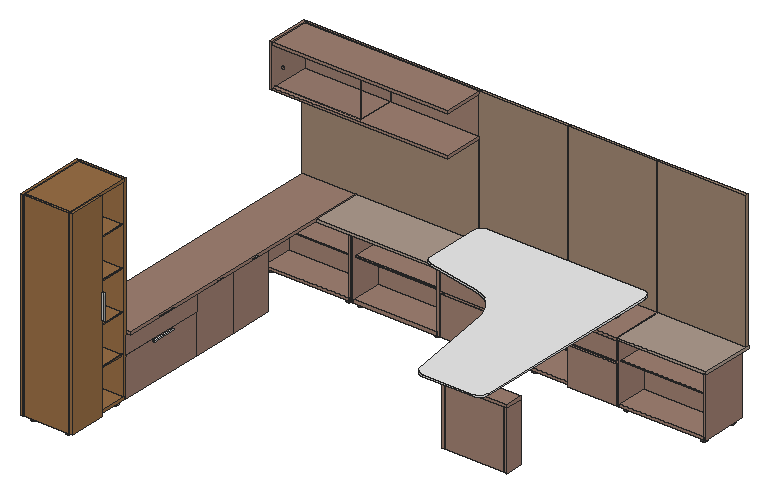
Revit family "OFS TYPICAL T100058", category Furniture, Revit 2022 (continued)
Definition of nested family "OFS APTOS Height Adjustable Peninsula Sweep Top 74W 60D Corian Top 18D Right"
  Definition of nested family "APTOS SWEEP ELEVATED RUNOFF WORKSURFACE LEFT - WOOD TOP"
    Forms (in)
      Extrusion 5, solid, material <- "Table Material", visible <- "34-7858SWTELC"
        sketch origin (0, 0, 0) x (1, 0, 0) y (0, 1, 0)
          loop
            arc (-36, 5.00011) -> (-38.12132, 4.12143) -> (-39, 2.00011) r 3
            line (-39, 2.00011) -> (-39, -50.00011)
            arc (-39, -50.00011) -> (-38.12132, -52.12143) -> (-36, -53.00011) r 3
            line (-36, -53.00011) -> (35.9997, -53.00011)
            arc (35.9997, -53.00011) -> (38.12102, -52.12143) -> (38.9997, -50.00011) r 3
            line (38.9997, -50.00011) -> (38.9997, -33.17589)
            arc (38.9997, -33.17589) -> (38.25811, -31.20115) -> (36.39997, -30.20271) r 3
            line (36.39997, -30.20271) -> (-1.21236, -25.13908)
            arc (-1.21236, -25.13908) -> (-7.82761, -21.99234) -> (-11.38094, -15.58628) r 12
        from 28.3125 to 29.5
      Sweep 6, void
        path in 3D
          loop
            arc (35.9997, -53.00011, 29.5) -> (38.12102, -52.12143, 29.5) -> (38.9997, -50.00011, 29.5) r 3
            line (38.9997, -50.00011, 29.5) -> (38.9997, -33.17589, 29.5)
            arc (38.9997, -33.17589, 29.5) -> (38.25811, -31.20115, 29.5) -> (36.39997, -30.20271, 29.5) r 3
            line (36.39997, -30.20271, 29.5) -> (-1.21236, -25.13908, 29.5)
            arc (-1.21236, -25.13908, 29.5) -> (-7.82761, -21.99234, 29.5) -> (-11.38094, -15.58628, 29.5) r 12
            line (-11.38094, -15.58628, 29.5) -> (-14.99356, 2.58509, 29.5)
            arc (-14.99356, 2.58509, 29.5) -> (-16.03268, 4.31905, 29.5) -> (-17.93598, 5.00011, 29.5) r 3
            line (-17.93598, 5.00011, 29.5) -> (-36, 5.00011, 29.5)
            arc (-36, 5.00011, 29.5) -> (-38.12132, 4.12143, 29.5) -> (-39, 2.00011, 29.5) r 3
            line (-39, 2.00011, 29.5) -> (-39, -50.00011, 29.5)
            arc (-39, -50.00011, 29.5) -> (-38.12132, -52.12143, 29.5) -> (-36, -53.00011, 29.5) r 3
            line (-36, -53.00011, 29.5) -> (35.9997, -53.00011, 29.5)
        profile origin (-0.00015, -53.00011, 29.5) x (0, 1, 0) y (0, 0, 1)
          loop
            line (0, -0.4375) -> (0, -1.1875) -> (2, -1.1875) -> (0, -0.4375)
      Extrusion 7, solid, material <- "Table Material", visible <- "34-7858SWTELC", not visible
        sketch origin (0, 0, 0) x (1, 0, 0) y (0, 1, 0)
          loop
            line (-11.38094, -15.58628) -> (-14.99356, 2.58509)
            arc (-14.99356, 2.58509) -> (-16.03268, 4.31905) -> (-17.93598, 5.00011) r 3
            line (-17.93598, 5.00011) -> (-36, 5.00011)
            arc (-36, 5.00011) -> (-38.12132, 4.12143) -> (-39, 2.00011) r 3
            line (-39, 2.00011) -> (-39, -50.00011)
            arc (-39, -50.00011) -> (-38.12132, -52.12143) -> (-36, -53.00011) r 3
            line (-36, -53.00011) -> (35.9997, -53.00011)
            arc (35.9997, -53.00011) -> (38.12102, -52.12143) -> (38.9997, -50.00011) r 3
            line (38.9997, -50.00011) -> (38.9997, -33.17589)
            arc (38.9997, -33.17589) -> (38.25811, -31.20115) -> (36.39997, -30.20271) r 3
            line (36.39997, -30.20271) -> (-1.21236, -25.13908)
            arc (-1.21236, -25.13908) -> (-7.82761, -21.99234) -> (-11.38094, -15.58628) r 12
        from 28.3125 to 29.5
      Sweep 8, void, not visible
        path in 3D
          loop
            arc (35.9997, -53.00011, 29.5) -> (38.12102, -52.12143, 29.5) -> (38.9997, -50.00011, 29.5) r 3
            line (38.9997, -50.00011, 29.5) -> (38.9997, -33.17589, 29.5)
            arc (38.9997, -33.17589, 29.5) -> (38.25811, -31.20115, 29.5) -> (36.39997, -30.20271, 29.5) r 3
            line (36.39997, -30.20271, 29.5) -> (-1.21236, -25.13908, 29.5)
            arc (-1.21236, -25.13908, 29.5) -> (-7.82761, -21.99234, 29.5) -> (-11.38094, -15.58628, 29.5) r 12
            line (-11.38094, -15.58628, 29.5) -> (-14.99356, 2.58509, 29.5)
            arc (-14.99356, 2.58509, 29.5) -> (-16.03268, 4.31905, 29.5) -> (-17.93598, 5.00011, 29.5) r 3
            line (-17.93598, 5.00011, 29.5) -> (-36, 5.00011, 29.5)
            arc (-36, 5.00011, 29.5) -> (-38.12132, 4.12143, 29.5) -> (-39, 2.00011, 29.5) r 3
            line (-39, 2.00011, 29.5) -> (-39, -50.00011, 29.5)
            arc (-39, -50.00011, 29.5) -> (-38.12132, -52.12143, 29.5) -> (-36, -53.00011, 29.5) r 3
            line (-36, -53.00011, 29.5) -> (35.9997, -53.00011, 29.5)
        profile origin (-0.00015, -53.00011, 29.5) x (0, 1, 0) y (0, 0, 1)
          loop
            line (0, -0.4375) -> (0, -1.1875) -> (2, -1.1875) -> (0, -0.4375)
    Cuts and joins
      Sweep 2 cuts Extrusion 1
      Sweep 6 cuts Extrusion 5
    Lines and regions (in)
      sketch lines
        curve 1: line (35.9997, -50.00011, 29.5) -> (35.9997, -33.17684, 29.5)
        curve 2: arc (33.47397, -30.21456, 29.5) -> (35.28255, -31.2304, 29.5) -> (35.9997, -33.17684, 29.5) r 3
        curve 3: line (33.47397, -30.21456, 29.5) -> (1.49138, -25.09407, 29.5)
        curve 4: arc (-8.38121, -15.58489, 29.5) -> (-4.93628, -21.88783, 29.5) -> (1.49138, -25.09407, 29.5) r 12
        curve 5: line (-8.38121, -15.58489, 29.5) -> (-11.99356, 2.58509, 29.5)
        curve 6: arc (-14.93598, 5.00011, 29.5) -> (-13.03268, 4.31905, 29.5) -> (-11.99356, 2.58509, 29.5) r 3
        curve 7: line (-14.93598, 5.00011, 29.5) -> (-33, 5.00011, 29.5)
        curve 8: arc (-36, 2.00011, 29.5) -> (-35.12132, 4.12143, 29.5) -> (-33, 5.00011, 29.5) r 3
        curve 9: line (-36, 2.00011, 29.5) -> (-36, -50.00011, 29.5)
        curve 10: arc (-33, -53.00011, 29.5) -> (-35.12132, -52.12143, 29.5) -> (-36, -50.00011, 29.5) r 3
        curve 11: line (-33, -53.00011, 29.5) -> (32.9997, -53.00011, 29.5)
        curve 12: arc (35.9997, -50.00011, 29.5) -> (35.12102, -52.12143, 29.5) -> (32.9997, -53.00011, 29.5) r 3
        curve 25: line (-36, -53.00011, 29.5) -> (35.9997, -53.00011, 29.5)
        curve 26: arc (38.9997, -50.00011, 29.5) -> (38.12102, -52.12143, 29.5) -> (35.9997, -53.00011, 29.5) r 3
        curve 27: line (38.9997, -50.00011, 29.5) -> (38.9997, -33.17589, 29.5)
        curve 28: arc (36.39997, -30.20271, 29.5) -> (38.25811, -31.20115, 29.5) -> (38.9997, -33.17589, 29.5) r 3
        curve 29: line (36.39997, -30.20271, 29.5) -> (-1.21236, -25.13908, 29.5)
        curve 30: arc (-11.38094, -15.58628, 29.5) -> (-7.82761, -21.99234, 29.5) -> (-1.21236, -25.13908, 29.5) r 12
        curve 31: line (-11.38094, -15.58628, 29.5) -> (-14.99356, 2.58509, 29.5)
        curve 32: arc (-17.93598, 5.00011, 29.5) -> (-16.03268, 4.31905, 29.5) -> (-14.99356, 2.58509, 29.5) r 3
        curve 33: line (-17.93598, 5.00011, 29.5) -> (-36, 5.00011, 29.5)
        curve 34: arc (-39, 2.00011, 29.5) -> (-38.12132, 4.12143, 29.5) -> (-36, 5.00011, 29.5) r 3
        curve 35: line (-39, 2.00011, 29.5) -> (-39, -50.00011, 29.5)
        curve 36: arc (-36, -53.00011, 29.5) -> (-38.12132, -52.12143, 29.5) -> (-39, -50.00011, 29.5) r 3
      sketch lines, not visible
        curve 13: line (35.9997, -50.00011, 29.5) -> (35.9997, -33.17684, 29.5)
        curve 14: arc (33.47397, -30.21456, 29.5) -> (35.28255, -31.2304, 29.5) -> (35.9997, -33.17684, 29.5) r 3
        curve 15: line (33.47397, -30.21456, 29.5) -> (1.49138, -25.09407, 29.5)
        curve 16: arc (-8.38121, -15.58489, 29.5) -> (-4.93628, -21.88783, 29.5) -> (1.49138, -25.09407, 29.5) r 12
        curve 17: line (-8.38121, -15.58489, 29.5) -> (-11.99356, 2.58509, 29.5)
        curve 18: arc (-14.93598, 5.00011, 29.5) -> (-13.03268, 4.31905, 29.5) -> (-11.99356, 2.58509, 29.5) r 3
        curve 19: line (-14.93598, 5.00011, 29.5) -> (-33, 5.00011, 29.5)
        curve 20: arc (-36, 2.00011, 29.5) -> (-35.12132, 4.12143, 29.5) -> (-33, 5.00011, 29.5) r 3
        curve 21: line (-36, 2.00011, 29.5) -> (-36, -50.00011, 29.5)
        curve 22: arc (-33, -53.00011, 29.5) -> (-35.12132, -52.12143, 29.5) -> (-36, -50.00011, 29.5) r 3
        curve 23: line (-33, -53.00011, 29.5) -> (32.9997, -53.00011, 29.5)
        curve 24: arc (35.9997, -50.00011, 29.5) -> (35.12102, -52.12143, 29.5) -> (32.9997, -53.00011, 29.5) r 3
        curve 37: line (-36, -53.00011, 29.5) -> (35.9997, -53.00011, 29.5)
        curve 38: arc (38.9997, -50.00011, 29.5) -> (38.12102, -52.12143, 29.5) -> (35.9997, -53.00011, 29.5) r 3
        curve 39: line (38.9997, -50.00011, 29.5) -> (38.9997, -33.17589, 29.5)
        curve 40: arc (36.39997, -30.20271, 29.5) -> (38.25811, -31.20115, 29.5) -> (38.9997, -33.17589, 29.5) r 3
        curve 41: line (36.39997, -30.20271, 29.5) -> (-1.21236, -25.13908, 29.5)
        curve 42: arc (-11.38094, -15.58628, 29.5) -> (-7.82761, -21.99234, 29.5) -> (-1.21236, -25.13908, 29.5) r 12
        curve 43: line (-11.38094, -15.58628, 29.5) -> (-14.99356, 2.58509, 29.5)
        curve 44: arc (-17.93598, 5.00011, 29.5) -> (-16.03268, 4.31905, 29.5) -> (-14.99356, 2.58509, 29.5) r 3
        curve 45: line (-17.93598, 5.00011, 29.5) -> (-36, 5.00011, 29.5)
        curve 46: arc (-39, 2.00011, 29.5) -> (-38.12132, 4.12143, 29.5) -> (-36, 5.00011, 29.5) r 3
        curve 47: line (-39, 2.00011, 29.5) -> (-39, -50.00011, 29.5)
        curve 48: arc (-36, -53.00011, 29.5) -> (-38.12132, -52.12143, 29.5) -> (-39, -50.00011, 29.5) r 3
    Dimensions and locks (in)
      "Height": plane 7 "Height Top" to plane 8
      "Bottom Board Offset": plane 8 to level
      "Depth": plane 5 "Front End" to plane 1 "Back End"
      equal spacing: plane 4 "Left End", plane 3 "Center Left/Right", plane 6 "Right End"
      "Width": plane 4 "Left End" to plane 6 "Right End"
      equal spacing: plane 5 "Front End", plane 9 "Center Front/Back", plane 1 "Back End"
      aligned and locked: level to plane 2
      aligned and locked: plane 7 "Height Top" to Extrusion 1
      aligned and locked: Extrusion 1 to plane 8
      aligned and locked: plane 7 "Height Top" to Extrusion 5
      aligned and locked: Extrusion 5 to plane 8
    Automatic sketch dimensions
      Extrusion 1 sketch curve to Extrusion 1 sketch curve = 0' - 2.94241"
      Extrusion 1 sketch curve to Extrusion 1 sketch curve = 0' - 0.47427"  (x2)
      Sweep 2 sketch curve to profile plane = 0' - 1 3/16"
      Sweep 2 sketch curve to profile plane = 0' - 0"
      Sweep 2 sketch curve to profile plane = 0' - 2"
      Sweep 2 sketch curve to profile plane = 0' - 0 7/16"
      Extrusion 1 sketch curve to Extrusion 1 sketch curve = 0' - 3"  (x3)
      Extrusion 1 sketch curve to Extrusion 1 sketch curve = 1' - 6.06402"
      Extrusion 1 sketch curve to Extrusion 1 sketch curve = 0' - 3.61235"
      Extrusion 1 sketch curve to Extrusion 1 sketch curve = 0' - 9.87259"
      Extrusion 1 sketch curve to Extrusion 1 sketch curve = 2' - 7.50832"
      Extrusion 1 sketch curve to Extrusion 1 sketch curve = 0' - 1.89707"
      Extrusion 1 sketch curve to Extrusion 1 sketch curve = 1' - 4.82328"
      Extrusion 1 sketch curve to Extrusion 1 sketch curve = 0' - 5.12049"
      Extrusion 1 sketch curve to Extrusion 1 sketch curve = 0' - 9.50919"
      Extrusion 1 sketch curve to Extrusion 1 sketch curve = 1' - 5.585"
      Extrusion 1 sketch curve to Extrusion 1 sketch curve = 0' - 2.41502"
      Extrusion 3 sketch curve to Extrusion 3 sketch curve = 0' - 2.94241"
      Extrusion 3 sketch curve to Extrusion 3 sketch curve = 0' - 0.47427"  (x2)
      Sweep 4 sketch curve to profile plane = 0' - 1 3/16"
      Sweep 4 sketch curve to profile plane = 0' - 0"
      Sweep 4 sketch curve to profile plane = 0' - 2"
      Sweep 4 sketch curve to profile plane = 0' - 0 7/16"
      Extrusion 3 sketch curve to Extrusion 3 sketch curve = 0' - 3"  (x3)
      Extrusion 3 sketch curve to Extrusion 3 sketch curve = 1' - 6.06402"
      Extrusion 3 sketch curve to Extrusion 3 sketch curve = 0' - 3.61235"
      Extrusion 3 sketch curve to Extrusion 3 sketch curve = 0' - 9.87259"
      Extrusion 3 sketch curve to Extrusion 3 sketch curve = 2' - 7.50832"
      Extrusion 3 sketch curve to Extrusion 3 sketch curve = 0' - 1.89707"
      Extrusion 3 sketch curve to Extrusion 3 sketch curve = 1' - 4.82328"
      Extrusion 3 sketch curve to Extrusion 3 sketch curve = 0' - 5.12049"
      Extrusion 3 sketch curve to Extrusion 3 sketch curve = 0' - 9.50919"
      Extrusion 3 sketch curve to Extrusion 3 sketch curve = 1' - 5.585"
      Extrusion 3 sketch curve to Extrusion 3 sketch curve = 0' - 2.41502"
      Extrusion 5 sketch curve to Extrusion 5 sketch curve = 0' - 2.94241"
      Extrusion 5 sketch curve to Extrusion 5 sketch curve = 0' - 2.97318"
      Sweep 6 sketch curve to profile plane = 0' - 1 3/16"
      Sweep 6 sketch curve to profile plane = 0' - 0"
      Sweep 6 sketch curve to profile plane = 0' - 2"
      Sweep 6 sketch curve to profile plane = 0' - 0 7/16"
      Extrusion 5 sketch curve to Extrusion 5 sketch curve = 0' - 3"  (x2)
      Extrusion 5 sketch curve to Extrusion 5 sketch curve = 1' - 6.06402"
      Extrusion 5 sketch curve to Extrusion 5 sketch curve = 0' - 3.61263"
      Extrusion 5 sketch curve to Extrusion 5 sketch curve = 0' - 10.16858"
      Extrusion 5 sketch curve to Extrusion 5 sketch curve = 3' - 1.21206"
      Extrusion 5 sketch curve to Extrusion 5 sketch curve = 0' - 0.40027"
      Extrusion 5 sketch curve to Extrusion 5 sketch curve = 0' - 2.59973"
      Extrusion 5 sketch curve to Extrusion 5 sketch curve = 0' - 1.60108"
      Extrusion 5 sketch curve to Extrusion 5 sketch curve = 1' - 4 211/256"
      Extrusion 5 sketch curve to Extrusion 5 sketch curve = 0' - 5.06363"
      Extrusion 5 sketch curve to Extrusion 5 sketch curve = 0' - 9.5528"
      Extrusion 5 sketch curve to Extrusion 5 sketch curve = 1' - 5.5864"
      Extrusion 5 sketch curve to Extrusion 5 sketch curve = 0' - 2.41502"
      Extrusion 7 sketch curve to Extrusion 7 sketch curve = 0' - 2.94241"
      Extrusion 7 sketch curve to Extrusion 7 sketch curve = 0' - 2.97318"
      Sweep 8 sketch curve to profile plane = 0' - 1 3/16"
      Sweep 8 sketch curve to profile plane = 0' - 0"
      Sweep 8 sketch curve to profile plane = 0' - 2"
      Sweep 8 sketch curve to profile plane = 0' - 0 7/16"
      Extrusion 7 sketch curve to Extrusion 7 sketch curve = 0' - 3"  (x2)
      Extrusion 7 sketch curve to Extrusion 7 sketch curve = 1' - 6.06402"
      Extrusion 7 sketch curve to Extrusion 7 sketch curve = 0' - 3.61263"
      Extrusion 7 sketch curve to Extrusion 7 sketch curve = 0' - 10.16858"
      Extrusion 7 sketch curve to Extrusion 7 sketch curve = 3' - 1.21206"
      Extrusion 7 sketch curve to Extrusion 7 sketch curve = 0' - 0.40027"
      Extrusion 7 sketch curve to Extrusion 7 sketch curve = 0' - 2.59973"
      Extrusion 7 sketch curve to Extrusion 7 sketch curve = 0' - 1.60108"
      Extrusion 7 sketch curve to Extrusion 7 sketch curve = 1' - 4 211/256"
      Extrusion 7 sketch curve to Extrusion 7 sketch curve = 0' - 5.06363"
      Extrusion 7 sketch curve to Extrusion 7 sketch curve = 0' - 9.5528"
      Extrusion 7 sketch curve to Extrusion 7 sketch curve = 1' - 5.5864"
      Extrusion 7 sketch curve to Extrusion 7 sketch curve = 0' - 2.41502"
  Definition of nested family "APTOS SWEEP ELEVATED RUNOFF WORKSURFACE RIGHT - WOOD TOP"
    Parameters
      Width = 6' - 6"
      URL = "http://ofsbrands.com"
      Table Material = none
      Depth = 4' - 10"
      Model = "34-7858SWTER"
      Manufacturer = "OFS"
      Height = 0' - 1 3/16"
      Description = "OFS BRANDS OFS APTOS SWEEP ELEVATED RUNOFF WORKSURFACE 78\" x 58\" RIGHT OPEN END - WOOD TOP, 1.1875\" thick Solid Surface Worksurface"
      Default Elevation = 0' - 0"
      Copyright © = "© OFS BRANDS 2017"
      Catalog = "APTOS http://ofsbrands.com/products/casegoods/private-office/aptos"
      Bottom Board Offset = 2' - 4 5/16"
      Authoring Version = "Autodesk Revit Architecture 2013"
      Assembly Code = "E2020200"
      34-7858SWTERC = yes
      34-7258SWTERC = no
    Reference planes (in)
      plane 1 "Back End": y = 5
      plane 2: z = 0
      plane 3 "Center Left/Right": x = 0
      plane 4 "Left End": x = -39
      plane 5 "Front End": y = -53
      plane 6 "Right End": x = 39
      plane 7 "Height Top": z = 29.5
      plane 8: z = 28.3125
      plane 9 "Center Front/Back": y = -24
    Forms (in)
      Extrusion 1, solid, material <- "Table Material", visible <- "34-7858SWTERC"
        sketch origin (0, 0, 0) x (1, 0, 0) y (0, 1, 0)
          loop
            arc (11.38094, -15.58628) -> (7.82761, -21.99234) -> (1.21236, -25.13908) r 12
            line (1.21236, -25.13908) -> (-36.39997, -30.20271)
            arc (-36.39997, -30.20271) -> (-38.25811, -31.20115) -> (-38.9997, -33.17589) r 3
            line (-38.9997, -33.17589) -> (-38.9997, -50.00011)
            arc (-38.9997, -50.00011) -> (-38.12102, -52.12143) -> (-35.9997, -53.00011) r 3
            line (-35.9997, -53.00011) -> (36, -53.00011)
            arc (36, -53.00011) -> (38.12132, -52.12143) -> (39, -50.00011) r 3
            line (39, -50.00011) -> (39, 2.00011)
            arc (39, 2.00011) -> (38.12132, 4.12143) -> (36, 5.00011) r 3
            line (36, 5.00011) -> (17.93598, 5.00011)
            arc (17.93598, 5.00011) -> (16.03268, 4.31905) -> (14.99356, 2.58509) r 3
            line (14.99356, 2.58509) -> (11.38094, -15.58628)
        from 28.3125 to 29.5
      Sweep 2, void
        path in 3D
          loop
            arc (17.93598, 5.00011, 29.5) -> (16.03268, 4.31905, 29.5) -> (14.99356, 2.58509, 29.5) r 3
            line (14.99356, 2.58509, 29.5) -> (11.38094, -15.58628, 29.5)
            arc (11.38094, -15.58628, 29.5) -> (7.82761, -21.99234, 29.5) -> (1.21236, -25.13908, 29.5) r 12
            line (1.21236, -25.13908, 29.5) -> (-36.39997, -30.20271, 29.5)
            arc (-36.39997, -30.20271, 29.5) -> (-38.25811, -31.20115, 29.5) -> (-38.9997, -33.17589, 29.5) r 3
            line (-38.9997, -33.17589, 29.5) -> (-38.9997, -50.00011, 29.5)
            arc (-38.9997, -50.00011, 29.5) -> (-38.12102, -52.12143, 29.5) -> (-35.9997, -53.00011, 29.5) r 3
            line (-35.9997, -53.00011, 29.5) -> (36, -53.00011, 29.5)
            arc (36, -53.00011, 29.5) -> (38.12132, -52.12143, 29.5) -> (39, -50.00011, 29.5) r 3
            line (39, -50.00011, 29.5) -> (39, 2.00011, 29.5)
            arc (39, 2.00011, 29.5) -> (38.12132, 4.12143, 29.5) -> (36, 5.00011, 29.5) r 3
            line (36, 5.00011, 29.5) -> (17.93598, 5.00011, 29.5)
        profile origin (26.96799, 5.00011, 29.5) x (0, -1, 0) y (0, 0, 1)
          loop
            line (0, -1.1875) -> (2, -1.1875) -> (0, -0.4375) -> (0, -1.1875)
      Extrusion 3, solid, material <- "Table Material", visible <- "34-7858SWTERC", not visible
        sketch origin (0, 0, 0) x (1, 0, 0) y (0, 1, 0)
          loop
            arc (11.38094, -15.58628) -> (7.82761, -21.99234) -> (1.21236, -25.13908) r 12
            line (1.21236, -25.13908) -> (-36.39997, -30.20271)
            arc (-36.39997, -30.20271) -> (-38.25811, -31.20115) -> (-38.9997, -33.17589) r 3
            line (-38.9997, -33.17589) -> (-38.9997, -50.00011)
            arc (-38.9997, -50.00011) -> (-38.12102, -52.12143) -> (-35.9997, -53.00011) r 3
            line (-35.9997, -53.00011) -> (36, -53.00011)
            arc (36, -53.00011) -> (38.12132, -52.12143) -> (39, -50.00011) r 3
            line (39, -50.00011) -> (39, 2.00011)
            arc (39, 2.00011) -> (38.12132, 4.12143) -> (36, 5.00011) r 3
            line (36, 5.00011) -> (17.93598, 5.00011)
            arc (17.93598, 5.00011) -> (16.03268, 4.31905) -> (14.99356, 2.58509) r 3
            line (14.99356, 2.58509) -> (11.38094, -15.58628)
        from 28.3125 to 29.5
      Sweep 4, void, not visible
        path in 3D
          loop
            arc (17.93598, 5.00011, 29.5) -> (16.03268, 4.31905, 29.5) -> (14.99356, 2.58509, 29.5) r 3
            line (14.99356, 2.58509, 29.5) -> (11.38094, -15.58628, 29.5)
            arc (11.38094, -15.58628, 29.5) -> (7.82761, -21.99234, 29.5) -> (1.21236, -25.13908, 29.5) r 12
            line (1.21236, -25.13908, 29.5) -> (-36.39997, -30.20271, 29.5)
            arc (-36.39997, -30.20271, 29.5) -> (-38.25811, -31.20115, 29.5) -> (-38.9997, -33.17589, 29.5) r 3
            line (-38.9997, -33.17589, 29.5) -> (-38.9997, -50.00011, 29.5)
            arc (-38.9997, -50.00011, 29.5) -> (-38.12102, -52.12143, 29.5) -> (-35.9997, -53.00011, 29.5) r 3
            line (-35.9997, -53.00011, 29.5) -> (36, -53.00011, 29.5)
            arc (36, -53.00011, 29.5) -> (38.12132, -52.12143, 29.5) -> (39, -50.00011, 29.5) r 3
            line (39, -50.00011, 29.5) -> (39, 2.00011, 29.5)
            arc (39, 2.00011, 29.5) -> (38.12132, 4.12143, 29.5) -> (36, 5.00011, 29.5) r 3
            line (36, 5.00011, 29.5) -> (17.93598, 5.00011, 29.5)
        profile origin (26.96799, 5.00011, 29.5) x (0, -1, 0) y (0, 0, 1)
          loop
            line (0, -1.1875) -> (2, -1.1875) -> (0, -0.4375) -> (0, -1.1875)
      Extrusion 5, solid, material <- "Table Material", visible <- "34-7258SWTERC"
        sketch origin (0, 0, 0) x (1, 0, 0) y (0, 1, 0)
          loop
            arc (8.38121, -15.58489) -> (4.93628, -21.88783) -> (-1.49138, -25.09407) r 12
            line (-1.49138, -25.09407) -> (-33.47397, -30.21456)
            arc (-33.47397, -30.21456) -> (-35.28255, -31.2304) -> (-35.9997, -33.17684) r 3
            line (-35.9997, -33.17684) -> (-35.9997, -50.00011)
            arc (-35.9997, -50.00011) -> (-35.12102, -52.12143) -> (-32.9997, -53.00011) r 3
            line (-32.9997, -53.00011) -> (33, -53.00011)
            arc (33, -53.00011) -> (35.12132, -52.12143) -> (36, -50.00011) r 3
            line (36, -50.00011) -> (36, 2.00011)
            arc (36, 2.00011) -> (35.12132, 4.12143) -> (33, 5.00011) r 3
            line (33, 5.00011) -> (14.93598, 5.00011)
            arc (14.93598, 5.00011) -> (13.03268, 4.31905) -> (11.99356, 2.58509) r 3
            line (11.99356, 2.58509) -> (8.38121, -15.58489)
        from 28.3125 to 29.5
      Sweep 6, void
        path in 3D
          loop
            arc (36, 2.00011, 29.5) -> (35.12132, 4.12143, 29.5) -> (33, 5.00011, 29.5) r 3
            line (33, 5.00011, 29.5) -> (14.93598, 5.00011, 29.5)
            arc (14.93598, 5.00011, 29.5) -> (13.03268, 4.31905, 29.5) -> (11.99356, 2.58509, 29.5) r 3
            line (11.99356, 2.58509, 29.5) -> (8.38121, -15.58489, 29.5)
            arc (8.38121, -15.58489, 29.5) -> (4.93628, -21.88783, 29.5) -> (-1.49138, -25.09407, 29.5) r 12
            line (-1.49138, -25.09407, 29.5) -> (-33.47397, -30.21456, 29.5)
            arc (-33.47397, -30.21456, 29.5) -> (-35.28255, -31.2304, 29.5) -> (-35.9997, -33.17684, 29.5) r 3
            line (-35.9997, -33.17684, 29.5) -> (-35.9997, -50.00011, 29.5)
            arc (-35.9997, -50.00011, 29.5) -> (-35.12102, -52.12143, 29.5) -> (-32.9997, -53.00011, 29.5) r 3
            line (-32.9997, -53.00011, 29.5) -> (33, -53.00011, 29.5)
            arc (33, -53.00011, 29.5) -> (35.12132, -52.12143, 29.5) -> (36, -50.00011, 29.5) r 3
            line (36, -50.00011, 29.5) -> (36, 2.00011, 29.5)
        profile origin (36, -24, 29.5) x (-1, 0, 0) y (0, 0, 1)
          loop
            line (0, -1.1875) -> (2, -1.1875) -> (0, -0.4375) -> (0, -1.1875)
      Extrusion 7, solid, material <- "Table Material", visible <- "34-7258SWTERC", not visible
        sketch origin (0, 0, 0) x (1, 0, 0) y (0, 1, 0)
          loop
            arc (8.38121, -15.58489) -> (4.93628, -21.88783) -> (-1.49138, -25.09407) r 12
            line (-1.49138, -25.09407) -> (-33.47397, -30.21456)
            arc (-33.47397, -30.21456) -> (-35.28255, -31.2304) -> (-35.9997, -33.17684) r 3
            line (-35.9997, -33.17684) -> (-35.9997, -50.00011)
            arc (-35.9997, -50.00011) -> (-35.12102, -52.12143) -> (-32.9997, -53.00011) r 3
            line (-32.9997, -53.00011) -> (33, -53.00011)
            arc (33, -53.00011) -> (35.12132, -52.12143) -> (36, -50.00011) r 3
            line (36, -50.00011) -> (36, 2.00011)
            arc (36, 2.00011) -> (35.12132, 4.12143) -> (33, 5.00011) r 3
            line (33, 5.00011) -> (14.93598, 5.00011)
            arc (14.93598, 5.00011) -> (13.03268, 4.31905) -> (11.99356, 2.58509) r 3
            line (11.99356, 2.58509) -> (8.38121, -15.58489)
        from 28.3125 to 29.5
      Sweep 8, void, not visible
        path in 3D
          loop
            arc (36, 2.00011, 29.5) -> (35.12132, 4.12143, 29.5) -> (33, 5.00011, 29.5) r 3
            line (33, 5.00011, 29.5) -> (14.93598, 5.00011, 29.5)
            arc (14.93598, 5.00011, 29.5) -> (13.03268, 4.31905, 29.5) -> (11.99356, 2.58509, 29.5) r 3
            line (11.99356, 2.58509, 29.5) -> (8.38121, -15.58489, 29.5)
            arc (8.38121, -15.58489, 29.5) -> (4.93628, -21.88783, 29.5) -> (-1.49138, -25.09407, 29.5) r 12
            line (-1.49138, -25.09407, 29.5) -> (-33.47397, -30.21456, 29.5)
            arc (-33.47397, -30.21456, 29.5) -> (-35.28255, -31.2304, 29.5) -> (-35.9997, -33.17684, 29.5) r 3
            line (-35.9997, -33.17684, 29.5) -> (-35.9997, -50.00011, 29.5)
            arc (-35.9997, -50.00011, 29.5) -> (-35.12102, -52.12143, 29.5) -> (-32.9997, -53.00011, 29.5) r 3
            line (-32.9997, -53.00011, 29.5) -> (33, -53.00011, 29.5)
            arc (33, -53.00011, 29.5) -> (35.12132, -52.12143, 29.5) -> (36, -50.00011, 29.5) r 3
            line (36, -50.00011, 29.5) -> (36, 2.00011, 29.5)
        profile origin (36, -24, 29.5) x (-1, 0, 0) y (0, 0, 1)
          loop
            line (0, -1.1875) -> (2, -1.1875) -> (0, -0.4375) -> (0, -1.1875)
    Cuts and joins
      Sweep 2 cuts Extrusion 1
      Sweep 6 cuts Extrusion 5
    Lines and regions (in)
      sketch lines
        curve 1: line (36, 5.00011, 29.5) -> (17.93598, 5.00011, 29.5)
        curve 2: arc (14.99356, 2.58509, 29.5) -> (16.03268, 4.31905, 29.5) -> (17.93598, 5.00011, 29.5) r 3
        curve 3: line (14.99356, 2.58509, 29.5) -> (11.38094, -15.58628, 29.5)
        curve 4: arc (1.21236, -25.13908, 29.5) -> (7.82761, -21.99234, 29.5) -> (11.38094, -15.58628, 29.5) r 12
        curve 5: line (1.21236, -25.13908, 29.5) -> (-36.39997, -30.20271, 29.5)
        curve 6: arc (-38.9997, -33.17589, 29.5) -> (-38.25811, -31.20115, 29.5) -> (-36.39997, -30.20271, 29.5) r 3
        curve 7: line (-38.9997, -33.17589, 29.5) -> (-38.9997, -50.00011, 29.5)
        curve 8: arc (-35.9997, -53.00011, 29.5) -> (-38.12102, -52.12143, 29.5) -> (-38.9997, -50.00011, 29.5) r 3
        curve 9: line (-35.9997, -53.00011, 29.5) -> (36, -53.00011, 29.5)
        curve 10: arc (39, -50.00011, 29.5) -> (38.12132, -52.12143, 29.5) -> (36, -53.00011, 29.5) r 3
        curve 11: line (39, -50.00011, 29.5) -> (39, 2.00011, 29.5)
        curve 12: arc (36, 5.00011, 29.5) -> (38.12132, 4.12143, 29.5) -> (39, 2.00011, 29.5) r 3
        curve 25: line (36, -50.00011, 29.5) -> (36, 2.00011, 29.5)
        curve 26: arc (33, 5.00011, 29.5) -> (35.12132, 4.12143, 29.5) -> (36, 2.00011, 29.5) r 3
        curve 27: line (33, 5.00011, 29.5) -> (14.93598, 5.00011, 29.5)
        curve 28: arc (11.99356, 2.58509, 29.5) -> (13.03268, 4.31905, 29.5) -> (14.93598, 5.00011, 29.5) r 3
        curve 29: line (11.99356, 2.58509, 29.5) -> (8.38121, -15.58489, 29.5)
        curve 30: arc (-1.49138, -25.09407, 29.5) -> (4.93628, -21.88783, 29.5) -> (8.38121, -15.58489, 29.5) r 12
        curve 31: line (-1.49138, -25.09407, 29.5) -> (-33.47397, -30.21456, 29.5)
        curve 32: arc (-35.9997, -33.17684, 29.5) -> (-35.28255, -31.2304, 29.5) -> (-33.47397, -30.21456, 29.5) r 3
        curve 33: line (-35.9997, -33.17684, 29.5) -> (-35.9997, -50.00011, 29.5)
        curve 34: arc (-32.9997, -53.00011, 29.5) -> (-35.12102, -52.12143, 29.5) -> (-35.9997, -50.00011, 29.5) r 3
        curve 35: line (-32.9997, -53.00011, 29.5) -> (33, -53.00011, 29.5)
        curve 36: arc (36, -50.00011, 29.5) -> (35.12132, -52.12143, 29.5) -> (33, -53.00011, 29.5) r 3
      sketch lines, not visible
        curve 13: line (36, 5.00011, 29.5) -> (17.93598, 5.00011, 29.5)
        curve 14: arc (14.99356, 2.58509, 29.5) -> (16.03268, 4.31905, 29.5) -> (17.93598, 5.00011, 29.5) r 3
        curve 15: line (14.99356, 2.58509, 29.5) -> (11.38094, -15.58628, 29.5)
        curve 16: arc (1.21236, -25.13908, 29.5) -> (7.82761, -21.99234, 29.5) -> (11.38094, -15.58628, 29.5) r 12
        curve 17: line (1.21236, -25.13908, 29.5) -> (-36.39997, -30.20271, 29.5)
        curve 18: arc (-38.9997, -33.17589, 29.5) -> (-38.25811, -31.20115, 29.5) -> (-36.39997, -30.20271, 29.5) r 3
        curve 19: line (-38.9997, -33.17589, 29.5) -> (-38.9997, -50.00011, 29.5)
        curve 20: arc (-35.9997, -53.00011, 29.5) -> (-38.12102, -52.12143, 29.5) -> (-38.9997, -50.00011, 29.5) r 3
        curve 21: line (-35.9997, -53.00011, 29.5) -> (36, -53.00011, 29.5)
        curve 22: arc (39, -50.00011, 29.5) -> (38.12132, -52.12143, 29.5) -> (36, -53.00011, 29.5) r 3
        curve 23: line (39, -50.00011, 29.5) -> (39, 2.00011, 29.5)
        curve 24: arc (36, 5.00011, 29.5) -> (38.12132, 4.12143, 29.5) -> (39, 2.00011, 29.5) r 3
        curve 37: line (36, -50.00011, 29.5) -> (36, 2.00011, 29.5)
        curve 38: arc (33, 5.00011, 29.5) -> (35.12132, 4.12143, 29.5) -> (36, 2.00011, 29.5) r 3
        curve 39: line (33, 5.00011, 29.5) -> (14.93598, 5.00011, 29.5)
        curve 40: arc (11.99356, 2.58509, 29.5) -> (13.03268, 4.31905, 29.5) -> (14.93598, 5.00011, 29.5) r 3
        curve 41: line (11.99356, 2.58509, 29.5) -> (8.38121, -15.58489, 29.5)
        curve 42: arc (-1.49138, -25.09407, 29.5) -> (4.93628, -21.88783, 29.5) -> (8.38121, -15.58489, 29.5) r 12
        curve 43: line (-1.49138, -25.09407, 29.5) -> (-33.47397, -30.21456, 29.5)
        curve 44: arc (-35.9997, -33.17684, 29.5) -> (-35.28255, -31.2304, 29.5) -> (-33.47397, -30.21456, 29.5) r 3
        curve 45: line (-35.9997, -33.17684, 29.5) -> (-35.9997, -50.00011, 29.5)
        curve 46: arc (-32.9997, -53.00011, 29.5) -> (-35.12102, -52.12143, 29.5) -> (-35.9997, -50.00011, 29.5) r 3
        curve 47: line (-32.9997, -53.00011, 29.5) -> (33, -53.00011, 29.5)
        curve 48: arc (36, -50.00011, 29.5) -> (35.12132, -52.12143, 29.5) -> (33, -53.00011, 29.5) r 3
    Dimensions and locks (in)
      "Height": plane 7 "Height Top" to plane 8
      "Bottom Board Offset": plane 8 to level
      "Depth": plane 5 "Front End" to plane 1 "Back End"
      equal spacing: plane 4 "Left End", plane 3 "Center Left/Right", plane 6 "Right End"
      "Width": plane 4 "Left End" to plane 6 "Right End"
      equal spacing: plane 5 "Front End", plane 9 "Center Front/Back", plane 1 "Back End"
      aligned and locked: level to plane 2
      aligned and locked: plane 7 "Height Top" to Extrusion 1
      aligned and locked: Extrusion 1 to plane 8
      aligned and locked: plane 7 "Height Top" to Extrusion 5
      aligned and locked: Extrusion 5 to plane 8
    Automatic sketch dimensions
      Extrusion 1 sketch curve to Extrusion 1 sketch curve = 0' - 2.94241"
      Extrusion 1 sketch curve to Extrusion 1 sketch curve = 0' - 3"  (x3)
      Sweep 2 sketch curve to profile plane = 0' - 1 3/16"
      Sweep 2 sketch curve to profile plane = 0' - 0"
      Sweep 2 sketch curve to profile plane = 0' - 2"
      Sweep 2 sketch curve to profile plane = 0' - 0 7/16"
      Extrusion 1 sketch curve to Extrusion 1 sketch curve = 0' - 0.40027"
      Extrusion 1 sketch curve to Extrusion 1 sketch curve = 3' - 1.61233"
      Extrusion 1 sketch curve to Extrusion 1 sketch curve = 0' - 10.16858"
      Extrusion 1 sketch curve to Extrusion 1 sketch curve = 0' - 3.61263"
      Extrusion 1 sketch curve to Extrusion 1 sketch curve = 2' - 10.78764"
      Extrusion 1 sketch curve to Extrusion 1 sketch curve = 1' - 6.06402"
      Extrusion 1 sketch curve to Extrusion 1 sketch curve = 0' - 1.60108"
      Extrusion 1 sketch curve to Extrusion 1 sketch curve = 1' - 4 211/256"
      Extrusion 1 sketch curve to Extrusion 1 sketch curve = 0' - 5.06363"
      Extrusion 1 sketch curve to Extrusion 1 sketch curve = 0' - 9.5528"
      Extrusion 1 sketch curve to Extrusion 1 sketch curve = 1' - 5.5864"
      Extrusion 1 sketch curve to Extrusion 1 sketch curve = 0' - 2.41502"
      Extrusion 3 sketch curve to Extrusion 3 sketch curve = 0' - 2.94241"
      Extrusion 3 sketch curve to Extrusion 3 sketch curve = 0' - 3"  (x3)
      Sweep 4 sketch curve to profile plane = 0' - 1 3/16"
      Sweep 4 sketch curve to profile plane = 0' - 0"
      Sweep 4 sketch curve to profile plane = 0' - 2"
      Sweep 4 sketch curve to profile plane = 0' - 0 7/16"
      Extrusion 3 sketch curve to Extrusion 3 sketch curve = 0' - 0.40027"
      Extrusion 3 sketch curve to Extrusion 3 sketch curve = 3' - 1.61233"
      Extrusion 3 sketch curve to Extrusion 3 sketch curve = 0' - 10.16858"
      Extrusion 3 sketch curve to Extrusion 3 sketch curve = 0' - 3.61263"
      Extrusion 3 sketch curve to Extrusion 3 sketch curve = 2' - 10.78764"
      Extrusion 3 sketch curve to Extrusion 3 sketch curve = 1' - 6.06402"
      Extrusion 3 sketch curve to Extrusion 3 sketch curve = 0' - 1.60108"
      Extrusion 3 sketch curve to Extrusion 3 sketch curve = 1' - 4 211/256"
      Extrusion 3 sketch curve to Extrusion 3 sketch curve = 0' - 5.06363"
      Extrusion 3 sketch curve to Extrusion 3 sketch curve = 0' - 9.5528"
      Extrusion 3 sketch curve to Extrusion 3 sketch curve = 1' - 5.5864"
      Extrusion 3 sketch curve to Extrusion 3 sketch curve = 0' - 2.41502"
      Extrusion 5 sketch curve to Extrusion 5 sketch curve = 0' - 2.94241"
      Extrusion 5 sketch curve to Extrusion 5 sketch curve = 0' - 0.47427"
      Sweep 6 sketch curve to profile plane = 0' - 1 3/16"
      Sweep 6 sketch curve to profile plane = 0' - 0"
      Sweep 6 sketch curve to profile plane = 0' - 2"
      Sweep 6 sketch curve to profile plane = 0' - 0 7/16"
      Extrusion 5 sketch curve to Extrusion 5 sketch curve = 0' - 2.52573"
      Extrusion 5 sketch curve to Extrusion 5 sketch curve = 0' - 3"  (x2)
      Extrusion 5 sketch curve to Extrusion 5 sketch curve = 2' - 7.98259"
      Extrusion 5 sketch curve to Extrusion 5 sketch curve = 0' - 9.87259"
      Extrusion 5 sketch curve to Extrusion 5 sketch curve = 0' - 3.61235"
      Extrusion 5 sketch curve to Extrusion 5 sketch curve = 2' - 10.49137"
      Extrusion 5 sketch curve to Extrusion 5 sketch curve = 1' - 6.06402"
      Extrusion 5 sketch curve to Extrusion 5 sketch curve = 0' - 1.89707"
      Extrusion 5 sketch curve to Extrusion 5 sketch curve = 1' - 4.82328"
      Extrusion 5 sketch curve to Extrusion 5 sketch curve = 0' - 5.12049"
      Extrusion 5 sketch curve to Extrusion 5 sketch curve = 0' - 9.50919"
      Extrusion 5 sketch curve to Extrusion 5 sketch curve = 1' - 5.585"
      Extrusion 5 sketch curve to Extrusion 5 sketch curve = 0' - 2.41502"
      Extrusion 7 sketch curve to Extrusion 7 sketch curve = 0' - 2.94241"
      Extrusion 7 sketch curve to Extrusion 7 sketch curve = 0' - 0.47427"
      Sweep 8 sketch curve to profile plane = 0' - 1 3/16"
      Sweep 8 sketch curve to profile plane = 0' - 0"
      Sweep 8 sketch curve to profile plane = 0' - 2"
      Sweep 8 sketch curve to profile plane = 0' - 0 7/16"
      Extrusion 7 sketch curve to Extrusion 7 sketch curve = 0' - 2.52573"
      Extrusion 7 sketch curve to Extrusion 7 sketch curve = 0' - 3"  (x2)
      Extrusion 7 sketch curve to Extrusion 7 sketch curve = 2' - 7.98259"
      Extrusion 7 sketch curve to Extrusion 7 sketch curve = 0' - 9.87259"
      Extrusion 7 sketch curve to Extrusion 7 sketch curve = 0' - 3.61235"
      Extrusion 7 sketch curve to Extrusion 7 sketch curve = 2' - 10.49137"
      Extrusion 7 sketch curve to Extrusion 7 sketch curve = 1' - 6.06402"
      Extrusion 7 sketch curve to Extrusion 7 sketch curve = 0' - 1.89707"
      Extrusion 7 sketch curve to Extrusion 7 sketch curve = 1' - 4.82328"
      Extrusion 7 sketch curve to Extrusion 7 sketch curve = 0' - 5.12049"
      Extrusion 7 sketch curve to Extrusion 7 sketch curve = 0' - 9.50919"
      Extrusion 7 sketch curve to Extrusion 7 sketch curve = 1' - 5.585"
      Extrusion 7 sketch curve to Extrusion 7 sketch curve = 0' - 2.41502"
Definition of nested family "OFS_APTOS_LOW_HEIGHT_MODULAR_CABINET_TOP_18_DEPTH_SHORT_GRAIN"
  Parameters (values of type "LOW HEIGHT MODULAR CABINET TOP, 18" DEPTH 34-L1830")
    W = 2' - 6"
    URL = "http://ofsbrands.com/products/casegoods/private-office/aptos"
    Model = "34-L1830MCT"
    Manufacturer = "OFS BRANDS"
    LOW HEIGHT MODULAR CABINET TOP = none
    Description = "OFS BRANDS  APTOS SERIES"
    Default Elevation = 0' - 0"
    D = 1' - 6"
    Copyright © = "© OFS BRANDS 2016"
    Catalog = "OFS BRANDS http://ofs.com"
    Authoring Version = "Autodesk Revit Architecture 2013"
    Assembly Code = "E2020200"
  Types (13): name | W | Model
    (no name) | 2' - 6" | "34-L1830MCT"
    LOW HEIGHT MODULAR CABINET TOP, 18" DEPTH 34-L1896 | 8' - 0" | "34-L1896MCT"
    LOW HEIGHT MODULAR CABINET TOP, 18" DEPTH 34-L1890 | 7' - 6" | "34-L1890MCT"
    LOW HEIGHT MODULAR CABINET TOP, 18" DEPTH 34-L1884 | 7' - 0" | "34-L1884MCT"
    LOW HEIGHT MODULAR CABINET TOP, 18" DEPTH 34-L1878 | 6' - 6" | "34-L1878MCT"
    LOW HEIGHT MODULAR CABINET TOP, 18" DEPTH 34-L1872 | 6' - 0" | "34-L1872MCT"
    LOW HEIGHT MODULAR CABINET TOP, 18" DEPTH 34-L1866 | 5' - 6" | "34-L1866MCT"
    LOW HEIGHT MODULAR CABINET TOP, 18" DEPTH 34-L1860 | 5' - 0" | "34-L1860MCT"
    LOW HEIGHT MODULAR CABINET TOP, 18" DEPTH 34-L1854 | 4' - 6" | "34-L1854MCT"
    LOW HEIGHT MODULAR CABINET TOP, 18" DEPTH 34-L1848 | 4' - 0" | "34-L1848MCT"
    LOW HEIGHT MODULAR CABINET TOP, 18" DEPTH 34-L1842 | 3' - 6" | "34-L1842MCT"
    LOW HEIGHT MODULAR CABINET TOP, 18" DEPTH 34-L1836 | 3' - 0" | "34-L1836MCT"
    LOW HEIGHT MODULAR CABINET TOP, 18" DEPTH 34-L1830 | 2' - 6" | "34-L1830MCT"
  Reference planes (in)
    plane 1 "Center (Front/Back)": y = 0
    plane 2: z = 0
    plane 3 "Center (Left/Right)": x = 0
    plane 4: x = -15
    plane 5: x = 15
    plane 6: y = 9
    plane 7: y = -9
    plane 8: z = 21.5
    plane 9: z = 22.25
  Forms (in)
    Extrusion 1, solid, material <- "LOW HEIGHT MODULAR CABINET TOP"
      sketch origin (0, 0, 0) x (1, 0, 0) y (0, 1, 0)
        loop
          line (-15, 9) -> (-15, -9) -> (15, -9) -> (15, 9) -> (-15, 9)
      from 21.5 to 22.25
  Dimensions and locks (in)
    equal spacing: plane 7, plane 1 "Center (Front/Back)", plane 6
    equal spacing: plane 4, plane 3 "Center (Left/Right)", plane 5
    "W": plane 4 to plane 5
    "D": plane 7 to plane 6
    locked: plane 9 to plane 8 at 0.75
    locked: plane 8 to plane 2 at 21.5
    aligned and locked: level to plane 2
    aligned and locked: plane 6 to Extrusion 1 sketch curve
    aligned and locked: plane 4 to Extrusion 1 sketch curve
    aligned and locked: Extrusion 1 sketch curve to plane 7
    aligned and locked: Extrusion 1 sketch curve to plane 5
    aligned and locked: Extrusion 1 to plane 9
    aligned and locked: plane 8 to Extrusion 1
Definition of nested family "OFS APTOS Filler Panel Low Height End of Run Filler"
  Parameters (values of type "Filler Panel Low Height End of Run Filler")
    Width = 0' - 6"
    URL = "https://ofs.com/"
    Depth = 0' - 1 3/16"
    Default Elevation = 0' - 0"
    Board Material = none
    Model = "34-L2806BFP"
    Manufacturer = "OFS"
    Height = 1' - 9 1/2"
    Description = "OFS APTOS Filler Panel Low Height End of Run Filler"
    Copyright © = "© OFS 2022"
    Catalog = "https://ofs.com/products/tables/conference/aptos?search=Aptos"
    Bottom Board Offset = 2' - 5 1/2"
    Authoring Version = "Autodesk Revit Architecture 2015"
    Assembly Code = "E2020200"
  Reference planes (in)
    plane 1 "Center Front/Back": y = 0
    plane 2: z = 0
    plane 3 "Center Left/Right": x = 0
    plane 4 "Left End": x = -3
    plane 5 "Front End": y = -1.1875
    plane 6 "Right End": x = 3
    plane 7 "Height Top": z = 51
    plane 8: z = 29.5
  Forms (in)
    Extrusion 1, solid, material <- "Board Material"
      sketch origin (0, 0, 0) x (1, 0, 0) y (0, 0, 1)
        loop
          line (-3, 51) -> (-3, 29.5) -> (3, 29.5) -> (3, 51) -> (-3, 51)
      from 0 to 1.1875
  Dimensions and locks (in)
    "Height": plane 7 "Height Top" to plane 8
    "Bottom Board Offset": plane 8 to level
    "Depth": plane 5 "Front End" to plane 1 "Center Front/Back"
    equal spacing: plane 4 "Left End", plane 3 "Center Left/Right", plane 6 "Right End"
    "Width": plane 4 "Left End" to plane 6 "Right End"
    aligned and locked: level to plane 2
    aligned and locked: Extrusion 1 sketch curve to plane 7 "Height Top"
    aligned and locked: plane 4 "Left End" to Extrusion 1 sketch curve
    aligned and locked: plane 8 to Extrusion 1 sketch curve
    aligned and locked: plane 6 "Right End" to Extrusion 1 sketch curve
    aligned and locked: Extrusion 1 to plane 5 "Front End"
    aligned and locked: Extrusion 1 to plane 1 "Center Front/Back"
Definition of nested family "OFS APTOS Low Height Modular Pedestal Open 18"
  Parameters (values of type "Low Height Modular Pedestal Open 36")
    Width = 3' - 0"
    URL = "https://ofs.com/"
    Shelf Height = 1' - 1"
    Handle Lengh = 0' - 8"
    Door Handle Material = none
    Default Elevation = 0' - 0"
    Board Thick Top = 0' - 0.7505"
    Depth = 1' - 3 1/2"
    Board Material = none
    Model = "34-L3618MPD6"
    Manufacturer = "OFS"
    Leg Caps Material = none
    Leg Offset = 0' - 2"
    Height = 1' - 9 1/2"
    Description = "OFS APTOS Low Height Modular Pedestal Open 36"
    Copyright © = "© OFS 2022"
    Catalog = "https://ofs.com/products/tables/conference/aptos?search=Aptos"
    Bottom Board Offset = 0' - 1 1/2"
    Board Thick Top and Bot = 0' - 1"
    Board Thick Shelfs = 0' - 0 7/8"
    Board Thick Sides = 0' - 0 3/4"
    Board Thick Front = 0' - 0 3/4"
    Board Thick Back = 0' - 0 3/4"
    Authoring Version = "Autodesk Revit Architecture 2015"
    Assembly Code = "E2020200"
  Types (3): name | Width | Model | Description
    (no name) | 3' - 0" | "34-L3618MPD6" | "OFS APTOS Low Height Modular Pedestal Open 36"
    Low Height Modular Pedestal Open 30 | 2' - 6" | "34-L3018MPD6" | "OFS APTOS Low Height Modular Pedestal Open 30"
    Low Height Modular Pedestal Open 36 | 3' - 0" | "34-L3618MPD6" | "OFS APTOS Low Height Modular Pedestal Open 36"
  Reference planes (in)
    plane 1 "Center Front/Back": y = 0
    plane 2: z = 0
    plane 3 "Center Left/Right": x = 0
    plane 4 "Left End": x = -18
    plane 5 "Front End": y = -15.5
    plane 6 "Right End": x = 18
    plane 7 "Back End": y = 0
    plane 8 "Height Top": z = 21.5
    plane 9: x = -17.25
    plane 10: x = 17.25
    plane 11: z = 14.625
    plane 12: z = 15.5
    plane 13: z = 1.5
    plane 14: z = 2.5
    plane 15: y = -14.75
    plane 16: y = -2
    plane 17: y = -2
    plane 18: y = -13.5
    plane 19: y = -13.5
    plane 20: x = -16
    plane 21: x = 16
    plane 22: x = 16
    plane 23: x = -16
    plane 24: x = -4
    plane 25: x = 4
    plane 26: y = -0.75
    plane 27: z = 20.7495
    plane 28: y = -5.1875
    plane 29: y = -4.4375
  Forms (in)
    Extrusion 1, solid, material <- "Board Material"
      sketch origin (0, 0, 0) x (1, 0, 0) y (0, 1, 0)
        loop
          line (-18, 0) -> (-18, -15.5) -> (-17.25, -15.5) -> (-17.25, 0) -> (-18, 0)
      from 1.5 to 21.5
    Extrusion 2, solid, material <- "Board Material"
      sketch origin (0, 0, 0) x (-1, 0, 0) y (0, -1, 0)
        loop
          line (-18, 0) -> (-17.25, 0) -> (-17.25, 15.5) -> (-18, 15.5) -> (-18, 0)
      from 1.5 to 21.5
    Extrusion 3, solid, material <- "Board Material"
      sketch origin (0, 0, 0) x (1, 0, 0) y (0, 1, 0)
        loop
          line (-17.25, 0) -> (-17.25, -15.5) -> (17.25, -15.5) -> (17.25, 0) -> (-17.25, 0)
      from 1.5 to 2.5
    Revolve 4, solid, material <- "Leg Caps Material"
      sketch origin (0, -2, 0) x (-1, 0, 0) y (0, 0, 1)
        loop
          line (15, 0.28743) -> (15.5, 0.28743)
          arc (15.5, 0.28743) -> (15.35629, 0.14371) -> (15.5, 0) r 0.14371
          line (15.5, 0) -> (16, 0) -> (16, 1.5) -> (15, 1.5) -> (15, 0.28743)
        axis (16, 1.5) -> (16, 0)
      angle from 0 to 360
    Revolve 5, solid, material <- "Leg Caps Material"
      sketch origin (0, -2, 0) x (1, 0, 0) y (0, 0, -1)
        loop
          line (15, -0.28743) -> (15, -1.5) -> (16, -1.5) -> (16, 0) -> (15.5, 0)
          arc (15.5, 0) -> (15.35629, -0.14371) -> (15.5, -0.28743) r 0.14371
          line (15.5, -0.28743) -> (15, -0.28743)
        axis (16, -1.5) -> (16, 0)
      angle from 0 to 360
    Revolve 6, solid, material <- "Leg Caps Material"
      sketch origin (0, -13.5, 0) x (-1, 0, 0) y (0, 0, -1)
        loop
          line (15, -0.28743) -> (15, -1.5) -> (16, -1.5) -> (16, 0) -> (15.5, 0)
          arc (15.5, 0) -> (15.35629, -0.14371) -> (15.5, -0.28743) r 0.14371
          line (15.5, -0.28743) -> (15, -0.28743)
        axis (16, -1.5) -> (16, 0)
      angle from 0 to 360
    Revolve 7, solid, material <- "Leg Caps Material"
      sketch origin (0, -13.5, 0) x (1, 0, 0) y (0, 0, 1)
        loop
          line (15, 0.28743) -> (15.5, 0.28743)
          arc (15.5, 0.28743) -> (15.35629, 0.14371) -> (15.5, 0) r 0.14371
          line (15.5, 0) -> (16, 0) -> (16, 1.5) -> (15, 1.5) -> (15, 0.28743)
        axis (16, 1.5) -> (16, 0)
      angle from 0 to 360
    Extrusion 8, solid, material <- "Board Material"
      sketch origin (0, 27.875, 0) x (1, 0, 0) y (0, 1, 0)
        loop
          line (-17.25, -32.3125) -> (-17.25, -33.0625) -> (17.25, -33.0625) -> (17.25, -32.3125) -> (-17.25, -32.3125)
      from 2.5 to 20.7495
    Extrusion 9, solid, material <- "Board Material"
      sketch origin (0, 0, 0) x (0, 1, 0) y (0, 0, 1)
        loop
          line (-5.1875, 15.5) -> (-14.75, 15.5) -> (-14.75, 15.125) -> (-14.125, 14.625) -> (-5.1875, 14.625) -> (-5.1875, 15.5)
      from -17.25 to 17.25
    Extrusion 10, solid, material <- "Board Material"
      sketch origin (0, 0, 0) x (0, 1, 0) y (0, 0, 1)
        loop
          line (-9.07873, 21.5) -> (-13.13675, 21.5) -> (-13.13675, 20.7495) -> (-9.07873, 20.7495) -> (-9.07873, 21.5)
        loop
          line (-1.05541, 21.5) -> (-5.1875, 21.5) -> (-5.1875, 20.7495) -> (-1.05541, 20.7495) -> (-1.05541, 21.5)
        loop
          line (0, 17.312) -> (-0.75, 17.312) -> (-0.75, 13.437) -> (0, 13.437) -> (0, 17.312)
        loop
          line (0, 10.3745) -> (-0.75, 10.3745) -> (-0.75, 6.437) -> (0, 6.437) -> (0, 10.3745)
      from -17.25 to 17.25
  Dimensions and locks (in)
    equal spacing: plane 4 "Left End", plane 3 "Center Left/Right", plane 6 "Right End"
    "Width": plane 4 "Left End" to plane 6 "Right End"
    "Height": plane 8 "Height Top" to level
    "Board Thick Sides": plane 4 "Left End" to plane 9
    "Board Thick Sides": plane 10 to plane 6 "Right End"
    "Board Thick Shelfs": plane 12 to plane 11
    "Board Thick Top and Bot": plane 14 to plane 13
    "Bottom Board Offset": plane 13 to level
    "Board Thick Front": plane 15 to plane 5 "Front End"
    "Leg Offset": plane 18 to plane 5 "Front End"
    "Leg Offset": plane 19 to plane 5 "Front End"
    "Leg Offset": plane 16 to plane 7 "Back End"
    "Leg Offset": plane 17 to plane 7 "Back End"
    "Leg Offset": plane 4 "Left End" to plane 20
    "Leg Offset": plane 21 to plane 6 "Right End"
    "Leg Offset": plane 22 to plane 6 "Right End"
    "Leg Offset": plane 4 "Left End" to plane 23
    "Shelf Height": plane 12 to plane 14
    "Handle Lengh": plane 24 to plane 25
    "Board Thick Back": plane 26 to plane 1 "Center Front/Back"
    "Depth": plane 5 "Front End" to plane 1 "Center Front/Back"
    equal spacing: plane 24, plane 3 "Center Left/Right", plane 25
    "Board Thick Top": plane 8 "Height Top" to plane 27
    "Board Thick Back": plane 29 to plane 28
    aligned and locked: level to plane 2
    aligned and locked: plane 5 "Front End" to Extrusion 1 sketch curve
    aligned and locked: plane 4 "Left End" to Extrusion 1 sketch curve
    aligned and locked: Extrusion 1 sketch curve to plane 9
    aligned and locked: Extrusion 2 to plane 5 "Front End"
    aligned and locked: plane 10 to Extrusion 2
    aligned and locked: Extrusion 2 to plane 6 "Right End"
    aligned and locked: plane 13 to Extrusion 2
    aligned and locked: plane 10 to Extrusion 3 sketch curve
    aligned and locked: plane 9 to Extrusion 3 sketch curve
    aligned and locked: plane 17 to Revolve 4
    aligned and locked: Revolve 5 to plane 16
    aligned and locked: plane 19 to Revolve 7
    aligned and locked: Revolve 6 to plane 18
    aligned and locked: Extrusion 3 to plane 14
    aligned and locked: Extrusion 3 to plane 13
    aligned and locked: Extrusion 1 to plane 1 "Center Front/Back"
    aligned and locked: Extrusion 2 to plane 1 "Center Front/Back"
    aligned and locked: Extrusion 3 to plane 1 "Center Front/Back"
    aligned and locked: Extrusion 1 to plane 13
    aligned and locked: plane 8 "Height Top" to Extrusion 1
    aligned and locked: plane 8 "Height Top" to Extrusion 2
    aligned and locked: Extrusion 8 to plane 10
    aligned and locked: Extrusion 8 to plane 9
    aligned and locked: Extrusion 8 to Extrusion 3
    aligned and locked: Extrusion 9 to plane 9
    aligned and locked: Extrusion 9 to plane 10
    aligned and locked: Extrusion 8 to plane 28
    aligned and locked: plane 29 to Extrusion 8
    aligned and locked: Extrusion 8 to plane 27
    aligned and locked: plane 7 "Back End" to Extrusion 10 sketch curve  (x2)
    aligned and locked: plane 26 to Extrusion 10 sketch curve  (x2)
    aligned and locked: Extrusion 10 sketch curve to plane 8 "Height Top"  (x2)
    aligned and locked: Extrusion 10 sketch curve to plane 27  (x2)
    aligned and locked: plane 28 to Extrusion 10 sketch curve
    aligned and locked: Extrusion 10 to plane 9
    aligned and locked: Extrusion 10 to plane 10
    aligned and locked: Extrusion 9 sketch curve to plane 12
    aligned and locked: plane 11 to Extrusion 9 sketch curve
    aligned and locked: Extrusion 9 sketch curve to plane 28
    aligned and locked: Extrusion 9 sketch curve to plane 15
  Automatic sketch dimensions
    plane 1 "Center Front/Back" to Extrusion 1 sketch curve = 0' - 0"
    Extrusion 2 sketch curve to plane 5 "Front End" = 0' - 0"
    Extrusion 2 sketch curve to plane 6 "Right End" = 0' - 0"
    Extrusion 2 sketch curve to plane 10 = 0' - 0"
    plane 1 "Center Front/Back" to Extrusion 2 sketch curve = 0' - 0"
    Extrusion 3 sketch curve to plane 5 "Front End" = 0' - 0"
    plane 1 "Center Front/Back" to Extrusion 3 sketch curve = 0' - 0"
    Revolve 4 sketch curve to plane 13 = 0' - 0"
    Revolve 4 sketch curve to level = 0' - 0"
    plane 20 to Revolve 4 sketch curve = 0' - 0"  (x2)
    level to Revolve 4 sketch curve = 0' - 0.28743"
    Revolve 4 sketch curve to Revolve 4 sketch curve = 0' - 0 1/2"  (x3)
    Revolve 4 sketch curve to Revolve 4 sketch curve = 0' - 0"
    level to Revolve 4 sketch curve = 0' - 0.14371"
    Revolve 4 sketch curve to plane 14 = 0' - 0 1/4"
    Revolve 5 sketch curve to plane 13 = 0' - 0"
    Revolve 5 sketch curve to level = 0' - 0"
    Revolve 5 sketch curve to plane 21 = 0' - 0"  (x2)
    level to Revolve 5 sketch curve = 0' - 0.28743"
    Revolve 5 sketch curve to Revolve 5 sketch curve = 0' - 0 1/2"  (x2)
    Revolve 5 sketch curve to Revolve 5 sketch curve = 0' - 0"  (x2)
    Revolve 5 sketch curve to plane 14 = 0' - 0 1/4"
    Revolve 5 sketch curve to level = 0' - 0 1/2"
    Revolve 6 sketch curve to plane 13 = 0' - 0"
    Revolve 6 sketch curve to level = 0' - 0"
    plane 20 to Revolve 6 sketch curve = 0' - 0"  (x2)
    level to Revolve 6 sketch curve = 0' - 0.28743"
    Revolve 6 sketch curve to plane 20 = 0' - 0 1/2"
    Revolve 6 sketch curve to Revolve 6 sketch curve = 0' - 0 1/2"
    Revolve 6 sketch curve to Revolve 6 sketch curve = 0' - 0"  (x2)
    Revolve 6 sketch curve to plane 14 = 0' - 0 1/4"
    Revolve 6 sketch curve to level = 0' - 0 1/2"
    Revolve 7 sketch curve to plane 13 = 0' - 0"
    Revolve 7 sketch curve to level = 0' - 0"
    Revolve 7 sketch curve to plane 21 = 0' - 0"  (x2)
    level to Revolve 7 sketch curve = 0' - 0.28743"
    Revolve 7 sketch curve to plane 21 = 0' - 0 1/2"
    Revolve 7 sketch curve to Revolve 7 sketch curve = 0' - 0 1/2"  (x2)
    Revolve 7 sketch curve to Revolve 7 sketch curve = 0' - 0"
    level to Revolve 7 sketch curve = 0' - 0.14371"
    Revolve 7 sketch curve to plane 14 = 0' - 0 1/4"
    plane 4 "Left End" to Extrusion 8 sketch curve = 0' - 0 3/4"
    plane 6 "Right End" to Extrusion 8 sketch curve = 0' - 0 3/4"
    Extrusion 8 sketch curve to plane 26 = 0' - 4 7/16"
    plane 1 "Center Front/Back" to Extrusion 8 sketch curve = 0' - 4 7/16"
    Extrusion 10 sketch curve to plane 18 = 0' - 0.36325"
    plane 14 to Extrusion 10 sketch curve = 0' - 3.937"
    Extrusion 10 sketch curve to Extrusion 10 sketch curve = 0' - 4.05803"
    Extrusion 10 sketch curve to plane 26 = 0' - 0.30541"
    Extrusion 10 sketch curve to plane 11 = 0' - 4.2505"
    Extrusion 10 sketch curve to plane 11 = 0' - 1.188"
    plane 12 to Extrusion 10 sketch curve = 0' - 1.812"
    plane 18 to Extrusion 9 sketch curve = 0' - 0 5/8"
    Extrusion 9 sketch curve to plane 12 = 0' - 0 3/8"
Definition of nested family "OFS APTOS 18D Low Height Modular Cabinet Top Long Grain"
  Parameters (values of type "18D Low Height Modular Cabinet Top 30" Width")
    Width = 2' - 6"
    URL = "https://ofs.com/"
    Table Material = none
    Depth = 1' - 6"
    Model = "34-L3018MCT"
    Manufacturer = "OFS"
    Height = 0' - 0 3/4"
    Description = "OFS APTOS 18D Low Height Modular Cabinet Top 30\" Width, 0.75\" thick with Square Profile on User Side"
    Default Elevation = 0' - 0"
    Copyright © = "© OFS 2022"
    Catalog = "https://ofs.com/products/tables/conference/aptos?search=Aptos"
    Bottom Board Offset = 1' - 9 1/2"
    Authoring Version = "Autodesk Revit Architecture 2015"
    Assembly Code = "E2020200"
  Types (13): name | Width | Model | Description
    (no name) | 2' - 6" | "34-L3018MCT" | "OFS APTOS 18D Low Height Modular Cabinet Top 30\" Width, 0.75\" thick with Square Profile on User Side"
    18D Low Height Modular Cabinet Top 30" Width | 2' - 6" | "34-L3018MCT" | "OFS APTOS 18D Low Height Modular Cabinet Top 30\" Width, 0.75\" thick with Square Profile on User Side"
    18D Low Height Modular Cabinet Top 36" Width | 3' - 0" | "34-L3618MCT" | "OFS APTOS 18D Low Height Modular Cabinet Top 36\" Width, 0.75\" thick with Square Profile on User Side"
    18D Low Height Modular Cabinet Top 42" Width | 3' - 6" | "34-L4218MCT" | "OFS APTOS 18D Low Height Modular Cabinet Top 42\" Width, 0.75\" thick with Square Profile on User Side"
    18D Low Height Modular Cabinet Top 48" Width | 4' - 0" | "34-L4818MCT" | "OFS APTOS 18D Low Height Modular Cabinet Top 48\" Width, 0.75\" thick with Square Profile on User Side"
    18D Low Height Modular Cabinet Top 54" Width | 4' - 6" | "34-L5418MCT" | "OFS APTOS 18D Low Height Modular Cabinet Top 54\" Width, 0.75\" thick with Square Profile on User Side"
    18D Low Height Modular Cabinet Top 60" Width | 5' - 0" | "34-L6018MCT" | "OFS APTOS 18D Low Height Modular Cabinet Top 60\" Width, 0.75\" thick with Square Profile on User Side"
    18D Low Height Modular Cabinet Top 66" Width | 5' - 6" | "34-L6618MCT" | "OFS APTOS 18D Low Height Modular Cabinet Top 66\" Width, 0.75\" thick with Square Profile on User Side"
    18D Low Height Modular Cabinet Top 72" Width | 6' - 0" | "34-L7218MCT" | "OFS APTOS 18D Low Height Modular Cabinet Top 72\" Width, 0.75\" thick with Square Profile on User Side"
    18D Low Height Modular Cabinet Top 78" Width | 6' - 6" | "34-L7818MCT" | "OFS APTOS 18D Low Height Modular Cabinet Top 78\" Width, 0.75\" thick with Square Profile on User Side"
    18D Low Height Modular Cabinet Top 84" Width | 7' - 0" | "34-L8418MCT" | "OFS APTOS 18D Low Height Modular Cabinet Top 84\" Width, 0.75\" thick with Square Profile on User Side"
    18D Low Height Modular Cabinet Top 90" Width | 7' - 6" | "34-L9018MCT" | "OFS APTOS 18D Low Height Modular Cabinet Top 90\" Width, 0.75\" thick with Square Profile on User Side"
    18D Low Height Modular Cabinet Top 96" Width | 8' - 0" | "34-L9618MCT" | "OFS APTOS 18D Low Height Modular Cabinet Top 96\" Width, 0.75\" thick with Square Profile on User Side"
  Reference planes (in)
    plane 1 "Back End": y = -15
    plane 2: z = 0
    plane 3 "Center Left/Right": x = 0
    plane 4 "Left End": x = -15
    plane 5 "Front End": y = -33
    plane 6 "Right End": x = 15
    plane 7 "Height Top": z = 22.25
    plane 8: z = 21.5
    plane 9 "Center Front/Back": y = -24
